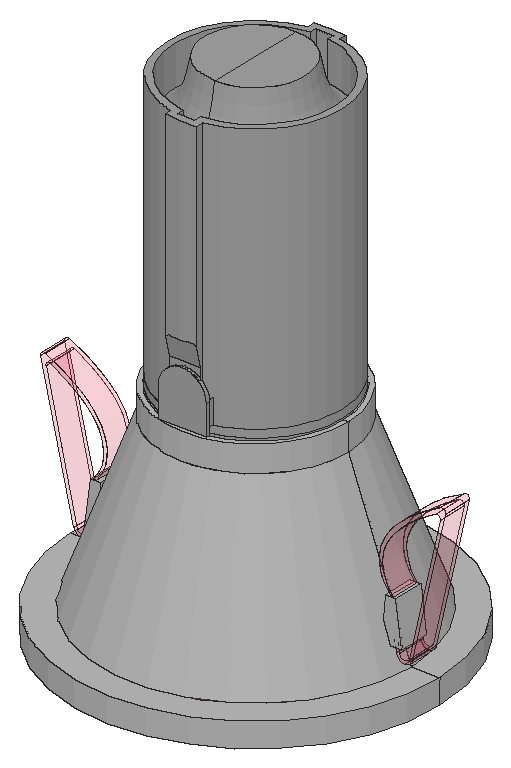
Revit family "LAMP_MOODY G2 1700 (DALI) + ROUND FIXED IP55 REFLECTOR", category Luminarias, Revit 2015
Parameters (values of type "2700K FLOOD")
  Ángulo de inclinación = 90.00°
  White reflector model = White reflector code  # "MORFRD100FX55W"
  White reflector finish = "Matt white"
  White reflector description = "MOODY REF RD FX Ø99 WH."
  White reflector datasheet = "http://www.lamp.es/product-files/TECH/MORFRD100FX55W-EN.pdf"
  White reflector [instance] = no
  Wattage = 14 W
  UGR = "23"
  Type = "COB PHILIPS"
  White reflector code = "MORFRD100FX55W"
  Total weight = 0.25 kg
  Total height = 115 mm
  Reflector diameter = 100 mm
  Reflector [instance] = and(not(White reflector), not(Black reflector))  # no
  Recessed diameter = 95 mm
  built-in parameter 1150110 = 1 (stored number, unit not read)
  Protection rating = "IP20"
  Product URL = "https://www.lamp.es/en/family/moody_33323"
  Power Supply = "220-240V 50/60Hz"
  Power = 12 W
  Plum = 14 W
  Model explanation = "Availability of switching reflector colour when placed in a project."
  Material cristal = Cristal
  Material Reflector Plata = LAMP_PC Reflector Moody GR
  Material Reflector Negro = LAMP_PC Reflector Moody NG
  Material Reflector Cobre = LAMP_PC Reflector Moody CO
  Material Muelle Emp. = LAMP_Acero genérico
  Material Reflector Blanco = LAMP_PC Reflector Moody BL
  Manufacturer name = "LAMP"
  Manufacturer country = "Spain"
  Manufacturer URL = "http://www.lamp.es/en"
  MacAdam = "3"
  Lámpara = "COB LED"
  Luminaire type = "Indoor - Recessed Downlight"
  Last update = "28/08/2019"
  LED Lifetime = "50.000 L70 B10"
  Insulation class = "II"
  Installation instructions = "https://www.lamp.es/product-files/INS/1004620-A-INSTR.%20MOODY%20G2.pdf"
  IEE = "A++"
  Gear = "Adjustable DALI"
  built-in parameter 1114217 = 1 (stored number, unit not read)
  built-in parameter 1150109 = 1 (stored number, unit not read)
  Fabricante = Manufacturer name  # "LAMP"
  Efficacy = 66.2 lm/W
  Descripción = "MOODY G2 1700 VWW FL DALI BK."
  Core product code = "MO215FL927DB"
  Core diameter = 50 mm
  Core datasheet = "http://www.lamp.es/product-files/TECH/MO215FL927DB-EN.pdf"
  Core model = Core product code  # "MO215FL927DB"
  Comentarios de tipo = Model explanation  # "Availability of switching reflector colour when placed in a project."
  built-in parameter 1150134 = (empty or 0)
  built-in parameter 1150113 = 1 (stored number, unit not read)
  Lumens = 926.8 lm
  built-in parameter 1150115 = 1 (stored number, unit not read)
  built-in parameter 1150105 = 1757.6 (stored number, unit not read)
  built-in parameter 1150137 = (empty or 0)
  built-in parameter 1150139 = (empty or 0)
  built-in parameter 1150112 = 1 (stored number, unit not read)
  built-in parameter 1150114 = 1 (stored number, unit not read)
  built-in parameter 1150132 = 2
  built-in parameter 1150102 = (empty or 0)
  built-in parameter 1150138 = (empty or 0)
  built-in parameter 1150107 = 2700 (stored number, unit not read)
  built-in parameter 1150106 = 17.576 (stored number, unit not read)
  built-in parameter 1150104 = 6.1502 (stored number, unit not read)
  Dimming Lamp Color Temperature Shift = (empty or 0)
  Color Filter = 16777215
  built-in parameter 1114218 = 1 (stored number, unit not read)
  CRI = "90"
  Core description = "MOODY CORE 500 VWW MFL"
  Black reflector model = Black reflector code  # "MORFRD100FX55B"
  Black reflector finish = "Matt black"
  Black reflector description = "MOODY REF RD FX Ø99 BK."
  Black reflector datasheet = "http://www.lamp.es/product-files/TECH/MORFRD100FX55B-EN.pdf"
  Black reflector code = "MORFRD100FX55B"
  Black reflector [instance] = yes
  Archivo de red fotométrica = "MO215FL927TB.IES"
  Altura reflector = 56.5 mm
  built-in parameter 1150133 = 10 (stored number, unit not read)
Types (9, lengths in mm): name | UGR | Efficacy | Descripción | Core product code | Core datasheet | Core model | built-in parameter 1150107 | CRI
  2700K FLOOD | "23" | 66.2 lm/W | "MOODY G2 1700 VWW FL DALI BK." | "MO215FL927DB" | "http://www.lamp.es/product-files/TECH/MO215FL927DB-EN.pdf" | "MO215FL927DB" | 2700 (stored number, unit not read) | "90"
  2700K SPOT | "23" | 66.2 lm/W | "MOODY G2 1700 VWW SP DALI BK." | "MO215SP927DB" | "http://www.lamp.es/product-files/TECH/MO215SP927DB-EN.pdf" | "MO215SP927DB" | 2700 (stored number, unit not read) | "90"
  2700K WIDE FLOOD | "23" | 66.2 lm/W | "MOODY G2 1700 VWW WFL DALI BK." | "MO215WF927DB" | "http://www.lamp.es/product-files/TECH/MO215WF927DB-EN.pdf" | "MO215WF927DB" | 2700 (stored number, unit not read) | "90"
  3000K FLOOD | "23" | 81.2 lm/W | "MOODY G2 1700 WW FL DALI BK." | "MO215FL830DB" | "http://www.lamp.es/product-files/TECH/MO215FL830DB-EN.pdf" | "MO215FL830DB" | 3000 (stored number, unit not read) | "80"
  3000K SPOT | "23" | 81.2 lm/W | "MOODY G2 1700 WW SP DALI BK." | "MO215SP830DB" | "http://www.lamp.es/product-files/TECH/MO215SP830DB-EN.pdf" | "MO215SP830DB" | 3000 (stored number, unit not read) | "80"
  3000K WIDE FLOOD | "23" | 81.2 lm/W | "MOODY G2 1700 WW WFL DALI BK." | "MO215WF830DB" | "http://www.lamp.es/product-files/TECH/MO215WF830DB-EN.pdf" | "MO215WF830DB" | 3000 (stored number, unit not read) | "80"
  4000K FLOOD | "24" | 86 lm/W | "MOODY G2 1700 NW FL DALI BK." | "MO215FL840DB" | "http://www.lamp.es/product-files/TECH/MO215FL840DB-EN.pdf" | "MO215FL840DB" | 4000 (stored number, unit not read) | "80"
  4000K SPOT | "24" | 86 lm/W | "MOODY G2 1700 NW SP DALI BK." | "MO215SP840DB" | "http://www.lamp.es/product-files/TECH/MO215SP840DB-EN.pdf" | "MO215SP840DB" | 4000 (stored number, unit not read) | "80"
  4000K WIDE FLOOD | "24" | 86 lm/W | "MOODY G2 1700 NW WFL DALI BK." | "MO215WF840DB" | "http://www.lamp.es/product-files/TECH/MO215WF840DB-EN.pdf" | "MO215WF840DB" | 4000 (stored number, unit not read) | "80"
Reference planes
  plane 1 "Eje de origen de luz (F/P)": y = 0
  plane 2: z = 0
  plane 3 "Eje de origen de luz (I/D)": x = 0
  plane 4 "Techo": z = 3738.5
  plane 5 "Elevación de origen de luz": z = 3738.5
Forms (mm)
  Revolve 1, solid, material "LAMP_PC Reflector Moody NG" <- "Material Reflector Negro", visible <- "Reflector"
    sketch origin (0, 0, 0) x (1, 0, 0) y (0, 0, 1)
      loop
        line (-26.8, 3795) -> (-26.8, 3787.4) -> (-44.8, 3738.5) -> (-53, 3738.5) -> (-53, 3731.4) -> (-43.4, 3731.4) -> (-43.4, 3737.815) -> (-25.4, 3786.715) -> (-20.4, 3786.715) -> (-20.4, 3789.672) -> (-25.4, 3789.672) -> (-25.4, 3795) -> (-26.8, 3795)
      axis (0, 3731.4) -> (0, 3795)
    angle from 0 to 360
  Extrusion 2, solid, material "LAMP_PC Reflector Moody CO" <- "Material Reflector Cobre", not visible
    sketch origin (0, 0, 0) x (1, 0, 0) y (0, 0, 1)
      loop
        line (-42.407, 3745) -> (-40.284, 3750.769) -> (-40.873, 3757.5) -> (-43.873, 3757.5) -> (-45.407, 3745) -> (-42.407, 3745)
    from 4.4 to -4.4
  Extrusion 3, solid, material "LAMP_PC Reflector Moody CO" <- "Material Reflector Cobre", not visible
    sketch origin (0, 0, 0) x (-1, 0, 0) y (0, 0, -1)
      loop
        line (-42.407, -3745) -> (-45.407, -3745) -> (-43.873, -3757.5) -> (-40.873, -3757.5) -> (-40.284, -3750.769) -> (-42.407, -3745)
    from 4.4 to -4.4
  Extrusion 4, solid, material "LAMP_Acero genérico" <- "Material Muelle Emp."
    sketch origin (0, 0, 0) x (1, 0, 0) y (0, 0, 1)
      loop
        line (-43.449, 3746.955) -> (-44.442, 3747.077) -> (-44.86, 3743.673)
        arc (-44.86, 3743.673) -> (-46.011, 3742.395) -> (-47.607, 3743.039) r 1.5
        line (-47.607, 3743.039) -> (-56.587, 3781.935)
        arc (-56.587, 3781.935) -> (-56.25, 3782.912) -> (-55.225, 3783.038) r 0.975
        spline (-55.225, 3783.038) -> (-51.331, 3780.738) -> (-48.069, 3778.431) -> (-45.409, 3776.129) -> (-43.316, 3773.842) -> (-41.759, 3771.583) -> (-40.706, 3769.362) -> (-40.125, 3767.192) -> (-39.983, 3765.084) -> (-40.248, 3763.049) -> (-40.888, 3761.099) -> (-41.87, 3759.246) -> (-43.162, 3757.5)
        line (-43.162, 3757.5) -> (-42.155, 3757.5)
        spline (-42.155, 3757.5) -> (-40.805, 3759.492) -> (-39.803, 3761.59) -> (-39.185, 3763.778) -> (-38.986, 3766.043) -> (-39.241, 3768.371) -> (-39.985, 3770.746) -> (-41.254, 3773.156) -> (-43.082, 3775.585) -> (-45.504, 3778.019) -> (-48.557, 3780.445) -> (-52.274, 3782.848) -> (-56.692, 3785.214)
        arc (-56.692, 3785.214) -> (-57.717, 3785.088) -> (-58.053, 3784.112) r 0.975
        line (-58.053, 3784.112) -> (-48.597, 3743.153)
        arc (-48.597, 3743.153) -> (-47.735, 3741.824) -> (-46.22, 3741.36) r 2.317
        arc (-46.22, 3741.36) -> (-44.644, 3742.027) -> (-43.867, 3743.552) r 2.5
        line (-43.867, 3743.552) -> (-43.449, 3746.955)
    from 4.3 to -4.3
  Extrusion 5, solid, material "LAMP_Acero genérico" <- "Material Muelle Emp."
    sketch origin (0, 0, 0) x (-1, 0, 0) y (0, 0, -1)
      loop
        line (-43.449, -3746.955) -> (-43.867, -3743.552)
        arc (-43.867, -3743.552) -> (-44.644, -3742.027) -> (-46.22, -3741.36) r 2.5
        arc (-46.22, -3741.36) -> (-47.735, -3741.824) -> (-48.597, -3743.153) r 2.317
        line (-48.597, -3743.153) -> (-58.053, -3784.112)
        arc (-58.053, -3784.112) -> (-57.717, -3785.088) -> (-56.692, -3785.214) r 0.975
        spline (-56.692, -3785.214) -> (-52.274, -3782.848) -> (-48.557, -3780.445) -> (-45.504, -3778.019) -> (-43.082, -3775.585) -> (-41.254, -3773.156) -> (-39.985, -3770.746) -> (-39.241, -3768.371) -> (-38.986, -3766.043) -> (-39.185, -3763.778) -> (-39.803, -3761.59) -> (-40.805, -3759.492) -> (-42.155, -3757.5)
        line (-42.155, -3757.5) -> (-43.162, -3757.5)
        spline (-43.162, -3757.5) -> (-41.87, -3759.246) -> (-40.888, -3761.099) -> (-40.248, -3763.049) -> (-39.983, -3765.084) -> (-40.125, -3767.192) -> (-40.706, -3769.362) -> (-41.759, -3771.583) -> (-43.316, -3773.842) -> (-45.409, -3776.129) -> (-48.069, -3778.431) -> (-51.331, -3780.738) -> (-55.225, -3783.038)
        arc (-55.225, -3783.038) -> (-56.25, -3782.912) -> (-56.587, -3781.935) r 0.975
        line (-56.587, -3781.935) -> (-47.607, -3743.039)
        arc (-47.607, -3743.039) -> (-46.011, -3742.395) -> (-44.86, -3743.673) r 1.5
        line (-44.86, -3743.673) -> (-44.442, -3747.077) -> (-43.449, -3746.955)
    from 4.3 to -4.3
  Revolve 6, solid, material "LAMP_PC Reflector Moody BL" <- "Material Reflector Blanco", visible <- "White reflector"
    sketch origin (0, 0, 0) x (1, 0, 0) y (0, 0, 1)
      loop
        line (-26.8, 3795) -> (-26.8, 3787.4) -> (-44.8, 3738.5) -> (-53, 3738.5) -> (-53, 3731.4) -> (-43.4, 3731.4) -> (-43.4, 3737.815) -> (-25.4, 3786.715) -> (-20.4, 3786.715) -> (-20.4, 3789.672) -> (-25.4, 3789.672) -> (-25.4, 3795) -> (-26.8, 3795)
      axis (0, 3731.4) -> (0, 3795)
    angle from 0 to 360
  Extrusion 7, solid, material "LAMP_PC Reflector Moody BL" <- "Material Reflector Blanco", visible <- "White reflector"
    sketch origin (0, 0, 0) x (1, 0, 0) y (0, 0, 1)
      loop
        line (-42.407, 3745) -> (-40.284, 3750.769) -> (-40.873, 3757.5) -> (-43.873, 3757.5) -> (-45.407, 3745) -> (-42.407, 3745)
    from 4.4 to -4.4
  Extrusion 8, solid, material "LAMP_PC Reflector Moody BL" <- "Material Reflector Blanco", visible <- "White reflector"
    sketch origin (0, 0, 0) x (-1, 0, 0) y (0, 0, -1)
      loop
        line (-42.407, -3745) -> (-45.407, -3745) -> (-43.873, -3757.5) -> (-40.873, -3757.5) -> (-40.284, -3750.769) -> (-42.407, -3745)
    from 4.4 to -4.4
  Revolve 9, solid, material "LAMP_PC Reflector Moody NG" <- "Material Reflector Negro", visible <- "Black reflector"
    sketch origin (0, 0, 0) x (1, 0, 0) y (0, 0, 1)
      loop
        line (-26.8, 3795) -> (-26.8, 3787.4) -> (-44.8, 3738.5) -> (-53, 3738.5) -> (-53, 3731.4) -> (-43.4, 3731.4) -> (-43.4, 3737.815) -> (-25.4, 3786.715) -> (-20.4, 3786.715) -> (-20.4, 3789.672) -> (-25.4, 3789.672) -> (-25.4, 3795) -> (-26.8, 3795)
      axis (0, 3731.4) -> (0, 3795)
    angle from 0 to 360
  Extrusion 10, solid, material "LAMP_PC Reflector Moody NG" <- "Material Reflector Negro", visible <- "Black reflector"
    sketch origin (0, 0, 0) x (1, 0, 0) y (0, 0, 1)
      loop
        line (-42.407, 3745) -> (-40.284, 3750.769) -> (-40.873, 3757.5) -> (-43.873, 3757.5) -> (-45.407, 3745) -> (-42.407, 3745)
    from 4.4 to -4.4
  Extrusion 11, solid, material "LAMP_PC Reflector Moody NG" <- "Material Reflector Negro", visible <- "Black reflector"
    sketch origin (0, 0, 0) x (-1, 0, 0) y (0, 0, -1)
      loop
        line (-42.407, -3745) -> (-45.407, -3745) -> (-43.873, -3757.5) -> (-40.873, -3757.5) -> (-40.284, -3750.769) -> (-42.407, -3745)
    from 4.4 to -4.4
  Extrusion 12, solid, material "LAMP_PC Reflector Moody GR" <- "Material Reflector Plata", not visible
    sketch origin (0, 0, 0) x (1, 0, 0) y (0, 0, 1)
      loop
        line (-42.407, 3745) -> (-40.284, 3750.769) -> (-40.873, 3757.5) -> (-43.873, 3757.5) -> (-45.407, 3745) -> (-42.407, 3745)
    from 4.4 to -4.4
  Extrusion 13, solid, material "LAMP_PC Reflector Moody GR" <- "Material Reflector Plata", not visible
    sketch origin (0, 0, 0) x (-1, 0, 0) y (0, 0, -1)
      loop
        line (-42.407, -3745) -> (-45.407, -3745) -> (-43.873, -3757.5) -> (-40.873, -3757.5) -> (-40.284, -3750.769) -> (-42.407, -3745)
    from 4.4 to -4.4
  Extrusion 14, solid, material "LAMP_PC Reflector Moody NG" <- "Material Reflector Negro", visible <- "Reflector"
    sketch origin (0, 0, 0) x (1, 0, 0) y (0, 0, 1)
      loop
        line (-42.407, 3745) -> (-40.284, 3750.769) -> (-40.873, 3757.5) -> (-43.873, 3757.5) -> (-45.407, 3745) -> (-42.407, 3745)
    from 4.4 to -4.4
  Extrusion 15, solid, material "LAMP_PC Reflector Moody NG" <- "Material Reflector Negro", visible <- "Reflector"
    sketch origin (0, 0, 0) x (-1, 0, 0) y (0, 0, -1)
      loop
        line (-42.407, -3745) -> (-45.407, -3745) -> (-43.873, -3757.5) -> (-40.873, -3757.5) -> (-40.284, -3750.769) -> (-42.407, -3745)
    from 4.4 to -4.4
  Revolve 16, solid, material "Cristal" <- "Material cristal"
    sketch origin (0, 0, 0) x (1, 0, 0) y (0, 0, 1)
      loop
        line (-43.4, 3738.5) -> (-43.4, 3731.4) -> (0, 3731.4) -> (0, 3738.5) -> (-43.4, 3738.5)
      axis (0, 3731.4) -> (0, 3738.5)
    angle from 0 to 360
Text (mm)
  text "Any modification of the parameters and properties of the LAMP BIM models must be executed and validated by the LAMP technical department.\n\nPhone: +34 93 736 68 00\n\nE-mail: lamp@lamp.es\n\n\n\nLAMP reserves the right to modify the technical specifications of its products." at (-1237.633, 1699.993, 3254.939), in view "Preview"
Dimensions and locks
  equal spacing: host sketch curve, plane 3 "Eje de origen de luz (I/D)", host sketch curve
  equal spacing: host sketch curve, plane 1 "Eje de origen de luz (F/P)", host sketch curve
  host sketch curve to host sketch curve = 4000 mm  (x2)
  locked: plane 4 "Techo" to host ceiling at 0
  "Altura reflector": plane 4 "Techo" to Revolve 1
  aligned and locked: plane 3 "Eje de origen de luz (I/D)" to imposter light
  aligned and locked: plane 1 "Eje de origen de luz (F/P)" to imposter light
  aligned and locked: plane 5 "Elevación de origen de luz" to imposter light
  aligned and locked: plane 4 "Techo" to plane 5 "Elevación de origen de luz"
Automatic sketch dimensions
  Extrusion 2 sketch curve to plane 4 "Techo" = 6.5 mm
  Extrusion 2 sketch curve to plane 3 "Eje de origen de luz (I/D)" = 45.407 mm
  Extrusion 2 sketch curve to Extrusion 2 sketch curve = 1.535 mm
  Extrusion 2 sketch curve to Extrusion 2 sketch curve = 3 mm  (x2)
  Extrusion 2 sketch curve to plane 4 "Techo" = 19 mm
  Extrusion 2 sketch curve to plane 4 "Techo" = 12.269 mm
  Extrusion 2 sketch curve to Extrusion 2 sketch curve = 2.124 mm
  plane 4 "Techo" to Extrusion 3 sketch curve = 6.5 mm
  Extrusion 3 sketch curve to plane 3 "Eje de origen de luz (I/D)" = 45.407 mm
  Extrusion 3 sketch curve to Extrusion 3 sketch curve = 1.535 mm
  Extrusion 3 sketch curve to Extrusion 3 sketch curve = 3 mm  (x2)
  plane 4 "Techo" to Extrusion 3 sketch curve = 19 mm
  plane 4 "Techo" to Extrusion 3 sketch curve = 12.269 mm
  Extrusion 3 sketch curve to Extrusion 3 sketch curve = 2.124 mm
  Extrusion 4 sketch curve to Extrusion 4 sketch curve = 0 mm  (x2)
  Extrusion 4 sketch curve to plane 3 "Eje de origen de luz (I/D)" = 58.053 mm
  Extrusion 4 sketch curve to Extrusion 4 sketch curve = 0.95 mm  (x2)
  Extrusion 4 sketch curve to Extrusion 4 sketch curve = 0.412 mm  (x2)
  Extrusion 4 sketch curve to Extrusion 4 sketch curve = 0.517 mm
  Extrusion 4 sketch curve to plane 4 "Techo" = 4.653 mm
  Extrusion 4 sketch curve to Extrusion 4 sketch curve = 7.989 mm
  Extrusion 4 sketch curve to plane 4 "Techo" = 4.539 mm
  Extrusion 4 sketch curve to Extrusion 4 sketch curve = 0.991 mm
  Extrusion 4 sketch curve to Extrusion 4 sketch curve = 1.258 mm
  Extrusion 4 sketch curve to Extrusion 4 sketch curve = 0.009 mm
  Extrusion 4 sketch curve to plane 4 "Techo" = 5.173 mm
  Extrusion 4 sketch curve to Extrusion 4 sketch curve = 1.479 mm
  Extrusion 4 sketch curve to plane 4 "Techo" = 8.577 mm
  Extrusion 4 sketch curve to Extrusion 4 sketch curve = 0.418 mm
  Extrusion 4 sketch curve to plane 4 "Techo" = 5.052 mm
  Extrusion 4 sketch curve to Extrusion 4 sketch curve = 0.993 mm
  Extrusion 4 sketch curve to Extrusion 4 sketch curve = 1.28 mm
  Extrusion 4 sketch curve to Extrusion 4 sketch curve = 1.008 mm
  Extrusion 4 sketch curve to Extrusion 4 sketch curve = 0.182 mm
  Extrusion 4 sketch curve to Extrusion 4 sketch curve = 10.423 mm
  Extrusion 4 sketch curve to Extrusion 4 sketch curve = 24.435 mm
  Extrusion 4 sketch curve to Extrusion 4 sketch curve = 0.219 mm  (x2)
  Extrusion 4 sketch curve to Extrusion 4 sketch curve = 2.176 mm
  Extrusion 5 sketch curve to Extrusion 5 sketch curve = 0 mm  (x2)
  Extrusion 5 sketch curve to plane 3 "Eje de origen de luz (I/D)" = 58.053 mm
  Extrusion 5 sketch curve to Extrusion 5 sketch curve = 0.95 mm  (x2)
  Extrusion 5 sketch curve to Extrusion 5 sketch curve = 0.412 mm  (x2)
  Extrusion 5 sketch curve to Extrusion 5 sketch curve = 0.517 mm
  plane 4 "Techo" to Extrusion 5 sketch curve = 4.653 mm
  Extrusion 5 sketch curve to Extrusion 5 sketch curve = 7.989 mm
  plane 4 "Techo" to Extrusion 5 sketch curve = 4.539 mm
  Extrusion 5 sketch curve to Extrusion 5 sketch curve = 0.991 mm
  Extrusion 5 sketch curve to Extrusion 5 sketch curve = 1.258 mm
  Extrusion 5 sketch curve to Extrusion 5 sketch curve = 0.009 mm
  plane 4 "Techo" to Extrusion 5 sketch curve = 5.173 mm
  Extrusion 5 sketch curve to Extrusion 5 sketch curve = 1.479 mm
  plane 4 "Techo" to Extrusion 5 sketch curve = 8.577 mm
  Extrusion 5 sketch curve to Extrusion 5 sketch curve = 0.418 mm
  plane 4 "Techo" to Extrusion 5 sketch curve = 5.052 mm
  Extrusion 5 sketch curve to Extrusion 5 sketch curve = 0.993 mm
  Extrusion 5 sketch curve to Extrusion 5 sketch curve = 1.28 mm
  Extrusion 5 sketch curve to Extrusion 5 sketch curve = 1.008 mm
  Extrusion 5 sketch curve to Extrusion 5 sketch curve = 0.182 mm
  Extrusion 5 sketch curve to Extrusion 5 sketch curve = 10.423 mm
  Extrusion 5 sketch curve to Extrusion 5 sketch curve = 24.435 mm
  Extrusion 5 sketch curve to Extrusion 5 sketch curve = 0.219 mm  (x2)
  Extrusion 5 sketch curve to Extrusion 5 sketch curve = 2.176 mm
  Extrusion 7 sketch curve to plane 4 "Techo" = 6.5 mm
  Extrusion 7 sketch curve to plane 3 "Eje de origen de luz (I/D)" = 45.407 mm
  Extrusion 7 sketch curve to Extrusion 7 sketch curve = 1.535 mm
  Extrusion 7 sketch curve to Extrusion 7 sketch curve = 3 mm  (x2)
  Extrusion 7 sketch curve to plane 4 "Techo" = 19 mm
  Extrusion 7 sketch curve to plane 4 "Techo" = 12.269 mm
  Extrusion 7 sketch curve to Extrusion 7 sketch curve = 2.124 mm
  plane 4 "Techo" to Extrusion 8 sketch curve = 6.5 mm
  Extrusion 8 sketch curve to plane 3 "Eje de origen de luz (I/D)" = 45.407 mm
  Extrusion 8 sketch curve to Extrusion 8 sketch curve = 1.535 mm
  Extrusion 8 sketch curve to Extrusion 8 sketch curve = 3 mm  (x2)
  plane 4 "Techo" to Extrusion 8 sketch curve = 19 mm
  plane 4 "Techo" to Extrusion 8 sketch curve = 12.269 mm
  Extrusion 8 sketch curve to Extrusion 8 sketch curve = 2.124 mm
  Extrusion 10 sketch curve to plane 4 "Techo" = 6.5 mm
  Extrusion 10 sketch curve to plane 3 "Eje de origen de luz (I/D)" = 45.407 mm
  Extrusion 10 sketch curve to Extrusion 10 sketch curve = 1.535 mm
  Extrusion 10 sketch curve to Extrusion 10 sketch curve = 3 mm  (x2)
  Extrusion 10 sketch curve to plane 4 "Techo" = 19 mm
  Extrusion 10 sketch curve to plane 4 "Techo" = 12.269 mm
  Extrusion 10 sketch curve to Extrusion 10 sketch curve = 2.124 mm
  plane 4 "Techo" to Extrusion 11 sketch curve = 6.5 mm
  Extrusion 11 sketch curve to plane 3 "Eje de origen de luz (I/D)" = 45.407 mm
  Extrusion 11 sketch curve to Extrusion 11 sketch curve = 1.535 mm
  Extrusion 11 sketch curve to Extrusion 11 sketch curve = 3 mm  (x2)
  plane 4 "Techo" to Extrusion 11 sketch curve = 19 mm
  plane 4 "Techo" to Extrusion 11 sketch curve = 12.269 mm
  Extrusion 11 sketch curve to Extrusion 11 sketch curve = 2.124 mm
  Extrusion 12 sketch curve to plane 4 "Techo" = 6.5 mm
  Extrusion 12 sketch curve to plane 3 "Eje de origen de luz (I/D)" = 45.407 mm
  Extrusion 12 sketch curve to Extrusion 12 sketch curve = 1.535 mm
  Extrusion 12 sketch curve to Extrusion 12 sketch curve = 3 mm  (x2)
  Extrusion 12 sketch curve to plane 4 "Techo" = 19 mm
  Extrusion 12 sketch curve to plane 4 "Techo" = 12.269 mm
  Extrusion 12 sketch curve to Extrusion 12 sketch curve = 2.124 mm
  plane 4 "Techo" to Extrusion 13 sketch curve = 6.5 mm
  Extrusion 13 sketch curve to plane 3 "Eje de origen de luz (I/D)" = 45.407 mm
  Extrusion 13 sketch curve to Extrusion 13 sketch curve = 1.535 mm
  Extrusion 13 sketch curve to Extrusion 13 sketch curve = 3 mm  (x2)
  plane 4 "Techo" to Extrusion 13 sketch curve = 19 mm
  plane 4 "Techo" to Extrusion 13 sketch curve = 12.269 mm
  Extrusion 13 sketch curve to Extrusion 13 sketch curve = 2.124 mm
  Extrusion 14 sketch curve to plane 4 "Techo" = 6.5 mm
  Extrusion 14 sketch curve to plane 3 "Eje de origen de luz (I/D)" = 45.407 mm
  Extrusion 14 sketch curve to Extrusion 14 sketch curve = 1.535 mm
  Extrusion 14 sketch curve to Extrusion 14 sketch curve = 3 mm  (x2)
  Extrusion 14 sketch curve to plane 4 "Techo" = 19 mm
  Extrusion 14 sketch curve to plane 4 "Techo" = 12.269 mm
  Extrusion 14 sketch curve to Extrusion 14 sketch curve = 2.124 mm
  plane 4 "Techo" to Extrusion 15 sketch curve = 6.5 mm
  Extrusion 15 sketch curve to plane 3 "Eje de origen de luz (I/D)" = 45.407 mm
  Extrusion 15 sketch curve to Extrusion 15 sketch curve = 1.535 mm
  Extrusion 15 sketch curve to Extrusion 15 sketch curve = 3 mm  (x2)
  plane 4 "Techo" to Extrusion 15 sketch curve = 19 mm
  plane 4 "Techo" to Extrusion 15 sketch curve = 12.269 mm
  Extrusion 15 sketch curve to Extrusion 15 sketch curve = 2.124 mm
  Revolve 16 sketch curve to plane 4 "Techo" = 0 mm
  Revolve 16 sketch curve to plane 3 "Eje de origen de luz (I/D)" = 0 mm  (x2)
  plane 4 "Techo" to Revolve 16 sketch curve = 7.1 mm
  Revolve 16 sketch curve to plane 3 "Eje de origen de luz (I/D)" = 43.4 mm
  Revolve 16 sketch curve to level = 358.228 mm
  Revolve 16 sketch curve to plane 4 "Techo" = 623.685 mm
  Revolve 9 sketch curve to plane 4 "Techo" = 0 mm
  Revolve 9 sketch curve to plane 3 "Eje de origen de luz (I/D)" = 0 mm
  Revolve 9 sketch curve to plane 3 "Eje de origen de luz (I/D)" = 20.4 mm
  Revolve 9 sketch curve to Revolve 9 sketch curve = 5 mm
  Revolve 9 sketch curve to Revolve 9 sketch curve = 0 mm
  Revolve 9 sketch curve to Revolve 9 sketch curve = 1.4 mm  (x2)
  plane 4 "Techo" to Revolve 9 sketch curve = 7.1 mm
  Revolve 9 sketch curve to plane 3 "Eje de origen de luz (I/D)" = 43.4 mm
  Revolve 9 sketch curve to Revolve 9 sketch curve = 9.6 mm
  Revolve 9 sketch curve to plane 4 "Techo" = 48.215 mm
  Revolve 9 sketch curve to Revolve 9 sketch curve = 0.685 mm
  Revolve 9 sketch curve to Revolve 9 sketch curve = 2.272 mm
  Revolve 9 sketch curve to Revolve 9 sketch curve = 5.328 mm
  plane 4 "Techo" to Revolve 9 sketch curve = 0.685 mm
  Revolve 9 sketch curve to level = 358.228 mm
  Revolve 9 sketch curve to Revolve 9 sketch curve = 305.685 mm
  Revolve 6 sketch curve to plane 4 "Techo" = 0 mm
  Revolve 6 sketch curve to plane 3 "Eje de origen de luz (I/D)" = 0 mm
  Revolve 6 sketch curve to plane 3 "Eje de origen de luz (I/D)" = 20.4 mm
  Revolve 6 sketch curve to Revolve 6 sketch curve = 5 mm
  Revolve 6 sketch curve to Revolve 6 sketch curve = 0 mm
  Revolve 6 sketch curve to Revolve 6 sketch curve = 1.4 mm  (x2)
  plane 4 "Techo" to Revolve 6 sketch curve = 7.1 mm
  Revolve 6 sketch curve to plane 3 "Eje de origen de luz (I/D)" = 43.4 mm
  Revolve 6 sketch curve to Revolve 6 sketch curve = 9.6 mm
  Revolve 6 sketch curve to plane 4 "Techo" = 48.215 mm
  Revolve 6 sketch curve to Revolve 6 sketch curve = 0.685 mm
  Revolve 6 sketch curve to Revolve 6 sketch curve = 2.272 mm
  Revolve 6 sketch curve to Revolve 6 sketch curve = 5.328 mm
  plane 4 "Techo" to Revolve 6 sketch curve = 0.685 mm
  Revolve 6 sketch curve to level = 358.228 mm
  Revolve 6 sketch curve to Revolve 6 sketch curve = 305.685 mm
  Revolve 1 sketch curve to plane 4 "Techo" = 0 mm
  Revolve 1 sketch curve to plane 3 "Eje de origen de luz (I/D)" = 0 mm
  Revolve 1 sketch curve to plane 3 "Eje de origen de luz (I/D)" = 20.4 mm
  Revolve 1 sketch curve to Revolve 1 sketch curve = 5 mm
  Revolve 1 sketch curve to Revolve 1 sketch curve = 0 mm
  Revolve 1 sketch curve to Revolve 1 sketch curve = 1.4 mm  (x2)
  plane 4 "Techo" to Revolve 1 sketch curve = 7.1 mm
  Revolve 1 sketch curve to plane 3 "Eje de origen de luz (I/D)" = 43.4 mm
  Revolve 1 sketch curve to Revolve 1 sketch curve = 9.6 mm
  Revolve 1 sketch curve to plane 4 "Techo" = 48.215 mm
  Revolve 1 sketch curve to Revolve 1 sketch curve = 0.685 mm
  Revolve 1 sketch curve to Revolve 1 sketch curve = 2.272 mm
  Revolve 1 sketch curve to Revolve 1 sketch curve = 5.328 mm
  plane 4 "Techo" to Revolve 1 sketch curve = 0.685 mm
  Revolve 1 sketch curve to level = 358.228 mm
  Revolve 1 sketch curve to Revolve 1 sketch curve = 305.685 mm
Nested families
  nested 1: "LAMP_MOODY CORE 1200" at (0, 0, 3789.672) x (0, 1, 0) z (0, 0, 1), type "LAMP_MOODY CORE 1200"
Connectors
  electrical at (0, 0, 3738.5)
    settings: on imposter light, index 1, voltage 230 V, apparent load 0 VA, apparent load phase1 0 VA, apparent load phase2 0 VA, apparent load phase3 0 VA, power factor 1, load classification "Otro", number of poles 1, system type 31, power factor state 1, is connector primary yes, connector utility no, sub classification motor no, connector description ""
Definition of nested family "LAMP_MOODY CORE 1200"
  Parameters (values of type "LAMP_MOODY CORE 1200")
    Weight = 0.316 kg
    Protection rating = "IP20"
    Product name = "MOODY CORE 1200"
    Product URL = "http://www.lamp.es/en/family/moody_33323"
    Material Reflector = none
    Material Cuerpo = none
    Material COB = none
    Manufacturer name = "LAMP"
    Manufacturer country = "Spain"
    Manufacturer URL = "http://www.lamp.es/en"
    Luminaire type = "Indoor - Recessed Downlight"
    Last update = "08/05/2018"
    Installation instructions = ""
    Height = 90 mm
    Finish = "Cataphorese"
    Manufacturer = Manufacturer name  # "LAMP"
    Default Elevation = 1219.2 mm
    Diameter = 50 mm
    Description = Product name  # "MOODY CORE 1200"
    Type Comments = "For product codes and features, see corresponding files LAMP_CORE + REFLECTOR"
    Altura interior = 74 mm
  Reference planes
    plane 1 "Centro (Frontal/Posterior)": y = 0
    plane 2: z = 0
    plane 3 "Centro (Izquierda/Derecha)": x = 0
    plane 4: z = 74
  Forms (mm)
    Extrusion 1, solid
      sketch origin (0, 0, 0) x (1, 0, 0) y (0, 1, 0)
        loop
          line (-1219.2, 1219.2) -> (-1219.2, -1219.2) -> (1219.2, -1219.2) -> (1219.2, 1219.2) -> (-1219.2, 1219.2)
      from 0 to -304.8
    Extrusion 2, solid, material <- "Material Cuerpo"
      sketch origin (0, 0, 8.2) x (1, 0, 0) y (0, 1, 0)
        loop
          arc (-26.622, 4.5) -> (-27, 0) -> (-26.622, -4.5) r 27
          line (-26.622, -4.5) -> (-24.592, -4.5)
          arc (-24.592, -4.5) -> (0, -25) -> (24.592, -4.5) r 25
          line (24.592, -4.5) -> (26.622, -4.5)
          arc (26.622, -4.5) -> (27, 0) -> (26.622, 4.5) r 27
          line (26.622, 4.5) -> (24.592, 4.5)
          arc (24.592, 4.5) -> (0, 25) -> (-24.592, 4.5) r 25
          line (-24.592, 4.5) -> (-26.622, 4.5)
        loop
          line (-24.875, -2.5) -> (-22.864, -2.5)
          arc (-22.864, -2.5) -> (0, -23) -> (22.864, -2.5) r 23
          line (22.864, -2.5) -> (24.875, -2.5)
          arc (24.875, -2.5) -> (25, 0) -> (24.875, 2.5) r 25
          line (24.875, 2.5) -> (22.864, 2.5)
          arc (22.864, 2.5) -> (0, 23) -> (-22.864, 2.5) r 23
          line (-22.864, 2.5) -> (-24.875, 2.5)
          arc (-24.875, 2.5) -> (-25, 0) -> (-24.875, -2.5) r 25
      from 0 to 77
    Revolve 3, solid, material <- "Material Cuerpo"
      sketch origin (0, 0, 8.2) x (1, 0, 0) y (0, 0, 1)
        loop
          spline (-14.467, 81.8) -> (-14.836, 79.556) -> (-15.268, 77.477) -> (-15.761, 75.564) -> (-16.317, 73.817) -> (-16.935, 72.235) -> (-17.615, 70.819) -> (-18.357, 69.568) -> (-19.161, 68.483) -> (-20.028, 67.564) -> (-20.956, 66.81) -> (-21.947, 66.222) -> (-23, 65.8)
          line (-23, 65.8) -> (0, 65.8) -> (0, 81.8) -> (-14.467, 81.8)
        axis (0, 81.8) -> (0, 65.8)
      angle from 0 to 360
    Extrusion 4, void
      sketch origin (0, 0, 8.2) x (0, 1, 0) y (0, 0, 1)
        loop
          line (-7, 0) -> (7, 0) -> (7, 6.5) -> (-7, 6.5) -> (-7, 0)
      from -28 to 28
    Extrusion 5, void
      sketch origin (0, 0, 8.2) x (1, 0, 0) y (0, 0, 1)
        loop
          line (25.068, 6.5) -> (27.791, 6.5) -> (27.791, 20.707) -> (26.791, 20.707) -> (25.068, 14.278) -> (25.068, 6.5)
      from -7 to 7
    Revolve 6, solid, material <- "Material Cuerpo"
      sketch origin (0, 0, 0) x (1, 0, 0) y (0, 0, 1)
        loop
          line (24.8, 0) -> (24.8, 2.2) -> (22.75, 2.2) -> (22.75, 5.8) -> (25, 5.8) -> (25, 8.2) -> (21.4, 8.2) -> (21.4, 7) -> (20.45, 7) -> (20.45, 0) -> (24.8, 0)
        axis (0, 8.2) -> (0, 0)
      angle from 0 to 360
    Extrusion 7, solid, material <- "Material Cuerpo"
      sketch origin (0, 0, 11.6) x (1, 0, 0) y (0, 1, 0)
        loop
          line (-25.068, 4.5) -> (-22.555, 4.5)
          arc (-22.555, 4.5) -> (0, 23) -> (22.555, 4.5) r 23
          line (22.555, 4.5) -> (25.068, 4.5) -> (25.068, 6.9) -> (22.778, 6.9)
          arc (22.778, 6.9) -> (0, 23.8) -> (-22.778, 6.9) r 23.8
          line (-22.778, 6.9) -> (-25.068, 6.9) -> (-25.068, 4.5)
        loop
          line (-25.068, -4.5) -> (-25.068, -6.9) -> (-22.778, -6.9)
          arc (-22.778, -6.9) -> (0, -23.8) -> (22.778, -6.9) r 23.8
          line (22.778, -6.9) -> (25.068, -6.9) -> (25.068, -4.5) -> (22.555, -4.5)
          arc (22.555, -4.5) -> (0, -23) -> (-22.555, -4.5) r 23
          line (-22.555, -4.5) -> (-25.068, -4.5)
      from -3.4 to 3.4
    Extrusion 8, solid, material <- "Material Cuerpo"
      sketch origin (0, 0, 0) x (0, 1, 0) y (0, 0, -1)
        loop
          arc (-6.769, -14.306) -> (0.131, -21.206) -> (7.031, -14.306) r 6.9
          line (7.031, -14.306) -> (7.031, -5.8) -> (-6.769, -5.8) -> (-6.769, -14.306)
      from 26 to 25.068
    Extrusion 9, solid, material <- "Material Cuerpo"
      sketch origin (0, 0, 0) x (0, 1, 0) y (0, 0, 1)
        loop
          line (-6.769, 14.306) -> (-6.769, 5.8) -> (7.031, 5.8) -> (7.031, 14.306)
          arc (7.031, 14.306) -> (0.131, 21.206) -> (-6.769, 14.306) r 6.9
      from 26 to 25.068
    Revolve 10, solid, material <- "Material Reflector"
      sketch origin (0, 0, -1660) x (1, 0, 0) y (0, 0, 1)
        loop
          line (21.4, 1667) -> (14.233, 1685.672) -> (13.283, 1685.672) -> (20.45, 1667) -> (21.4, 1667)
        axis (0, 1685.672) -> (0, 1667)
      angle from 0 to 360
    Revolve 11, solid, material <- "Material COB"
      sketch origin (0, 0, -2184.8) x (1, 0, 0) y (0, 0, 1)
        loop
          line (0, 2210.472) -> (14.233, 2210.472) -> (14.233, 2211.472) -> (0, 2211.472) -> (0, 2210.472)
        axis (0, 2211.472) -> (0, 2210.472)
      angle from 0 to 360
    Extrusion 12, void
      sketch origin (0, 0, 8.2) x (-1, 0, 0) y (0, 0, -1)
        loop
          line (25.068, -6.5) -> (25.068, -14.278) -> (26.791, -20.707) -> (27.791, -20.707) -> (27.791, -6.5) -> (25.068, -6.5)
      from -7 to 7
  Cuts and joins
    Extrusion 4, Extrusion 5, Extrusion 12 cuts Extrusion 2
    Extrusion 12 cuts Extrusion 7
    Extrusion 12 cuts Extrusion 9
  Dimensions and locks
    "Altura interior": plane 4 to Extrusion 1
    locked: cut or joined group of Extrusion 2, Extrusion 4, Extrusion 5, Extrusion 12 to plane 4 at 11.2
    aligned and locked: plane 2 to Extrusion 1
    aligned and locked: level to Extrusion 1
    aligned and locked: Revolve 3 to plane 4
    aligned and locked: Extrusion 7 to Revolve 6
    aligned and locked: Revolve 11 to Revolve 10
  Automatic sketch dimensions
    Extrusion 1 sketch curve to Extrusion 1 sketch curve = 2438.4 mm  (x2)
    Extrusion 2 sketch curve to Extrusion 2 sketch curve = 0 mm  (x57)
    plane 1 "Centro (Frontal/Posterior)" to Extrusion 2 sketch curve = 0 mm
    Extrusion 2 sketch curve to plane 3 "Centro (Izquierda/Derecha)" = 0 mm
    Extrusion 2 sketch curve to plane 1 "Centro (Frontal/Posterior)" = 2.5 mm  (x2)
    Extrusion 2 sketch curve to plane 3 "Centro (Izquierda/Derecha)" = 22.864 mm
    Extrusion 2 sketch curve to Extrusion 2 sketch curve = 1.728 mm  (x4)
    Extrusion 2 sketch curve to Extrusion 2 sketch curve = 2.011 mm  (x3)
    Extrusion 2 sketch curve to Extrusion 2 sketch curve = 2.031 mm  (x3)
    plane 1 "Centro (Frontal/Posterior)" to Extrusion 2 sketch curve = 2.5 mm
    Extrusion 2 sketch curve to Extrusion 2 sketch curve = 2 mm
    Revolve 3 sketch curve to plane 4 = 0 mm
    Revolve 3 sketch curve to plane 3 "Centro (Izquierda/Derecha)" = 0 mm  (x2)
    Revolve 3 sketch curve to Revolve 3 sketch curve = 14.467 mm
    Revolve 3 sketch curve to Revolve 3 sketch curve = 8.533 mm
    plane 4 to Revolve 3 sketch curve = 16 mm
    Revolve 3 sketch curve to level = 601.4 mm
    Revolve 3 sketch curve to Revolve 3 sketch curve = 2552.058 mm
    plane 1 "Centro (Frontal/Posterior)" to Extrusion 4 sketch curve = 7 mm
    Extrusion 4 sketch curve to plane 1 "Centro (Frontal/Posterior)" = 7 mm
    level to Extrusion 4 sketch curve = 8.2 mm
    Extrusion 4 sketch curve to Extrusion 4 sketch curve = 6.5 mm
    plane 3 "Centro (Izquierda/Derecha)" to Extrusion 5 sketch curve = 25.068 mm
    Extrusion 5 sketch curve to Extrusion 5 sketch curve = 1.723 mm
    Extrusion 5 sketch curve to Extrusion 5 sketch curve = 2.723 mm
    level to Extrusion 5 sketch curve = 14.7 mm
    Extrusion 5 sketch curve to Extrusion 5 sketch curve = 7.778 mm
    Extrusion 5 sketch curve to Extrusion 5 sketch curve = 6.429 mm
    Revolve 6 sketch curve to plane 3 "Centro (Izquierda/Derecha)" = 0 mm
    Revolve 6 sketch curve to level = 0 mm
    plane 3 "Centro (Izquierda/Derecha)" to Revolve 6 sketch curve = 20.45 mm
    Revolve 6 sketch curve to Revolve 6 sketch curve = 0.95 mm
    Revolve 6 sketch curve to Revolve 6 sketch curve = 1.35 mm
    Revolve 6 sketch curve to Revolve 6 sketch curve = 2.05 mm
    Revolve 6 sketch curve to Revolve 6 sketch curve = 2.25 mm
    level to Revolve 6 sketch curve = 2.2 mm
    Revolve 6 sketch curve to Revolve 6 sketch curve = 3.6 mm
    Revolve 6 sketch curve to Revolve 6 sketch curve = 1.2 mm
    Revolve 6 sketch curve to Revolve 6 sketch curve = 2.4 mm
    Revolve 6 sketch curve to level = 609.6 mm
    plane 4 to Revolve 6 sketch curve = 2559.858 mm
    Extrusion 7 sketch curve to Extrusion 7 sketch curve = 0 mm  (x13)
    plane 1 "Centro (Frontal/Posterior)" to Extrusion 7 sketch curve = 0 mm
    Extrusion 7 sketch curve to plane 3 "Centro (Izquierda/Derecha)" = 0 mm
    plane 1 "Centro (Frontal/Posterior)" to Extrusion 7 sketch curve = 4.5 mm  (x2)
    Extrusion 7 sketch curve to plane 3 "Centro (Izquierda/Derecha)" = 22.555 mm
    Extrusion 7 sketch curve to plane 1 "Centro (Frontal/Posterior)" = 4.5 mm  (x2)
    Extrusion 7 sketch curve to Extrusion 7 sketch curve = 0.222 mm  (x4)
    Extrusion 7 sketch curve to Extrusion 7 sketch curve = 2.29 mm  (x3)
    Extrusion 7 sketch curve to Extrusion 7 sketch curve = 2.513 mm
    Extrusion 7 sketch curve to Extrusion 7 sketch curve = 2.4 mm  (x2)
    plane 1 "Centro (Frontal/Posterior)" to Extrusion 8 sketch curve = 6.769 mm
    Extrusion 8 sketch curve to plane 1 "Centro (Frontal/Posterior)" = 0.131 mm
    level to Extrusion 8 sketch curve = 14.306 mm
    level to Extrusion 8 sketch curve = 5.8 mm
    plane 1 "Centro (Frontal/Posterior)" to Extrusion 9 sketch curve = 6.769 mm
    Extrusion 9 sketch curve to plane 1 "Centro (Frontal/Posterior)" = 0.131 mm
    level to Extrusion 9 sketch curve = 5.8 mm
    Extrusion 9 sketch curve to Extrusion 9 sketch curve = 8.506 mm
    Revolve 10 sketch curve to plane 3 "Centro (Izquierda/Derecha)" = 0 mm
    plane 3 "Centro (Izquierda/Derecha)" to Revolve 10 sketch curve = 13.283 mm
    Revolve 10 sketch curve to Revolve 10 sketch curve = 0.95 mm  (x2)
    level to Revolve 10 sketch curve = 7 mm
    Revolve 10 sketch curve to Revolve 10 sketch curve = 6.217 mm
    Revolve 10 sketch curve to Revolve 10 sketch curve = 18.672 mm
    Revolve 10 sketch curve to level = 2269.6 mm
    plane 4 to Revolve 10 sketch curve = 899.858 mm
    Revolve 11 sketch curve to plane 3 "Centro (Izquierda/Derecha)" = 0 mm  (x2)
    plane 3 "Centro (Izquierda/Derecha)" to Revolve 11 sketch curve = 14.233 mm
    level to Revolve 11 sketch curve = 25.672 mm
    Revolve 11 sketch curve to Revolve 11 sketch curve = 1 mm
    Revolve 11 sketch curve to level = 2794.4 mm
    plane 4 to Revolve 11 sketch curve = 375.058 mm
    Extrusion 12 sketch curve to plane 3 "Centro (Izquierda/Derecha)" = 25.068 mm
    Extrusion 12 sketch curve to Extrusion 12 sketch curve = 1.723 mm
    Extrusion 12 sketch curve to Extrusion 12 sketch curve = 2.723 mm
    level to Extrusion 12 sketch curve = 28.907 mm
    Extrusion 12 sketch curve to Extrusion 12 sketch curve = 6.429 mm
    Extrusion 12 sketch curve to Extrusion 12 sketch curve = 7.778 mm
